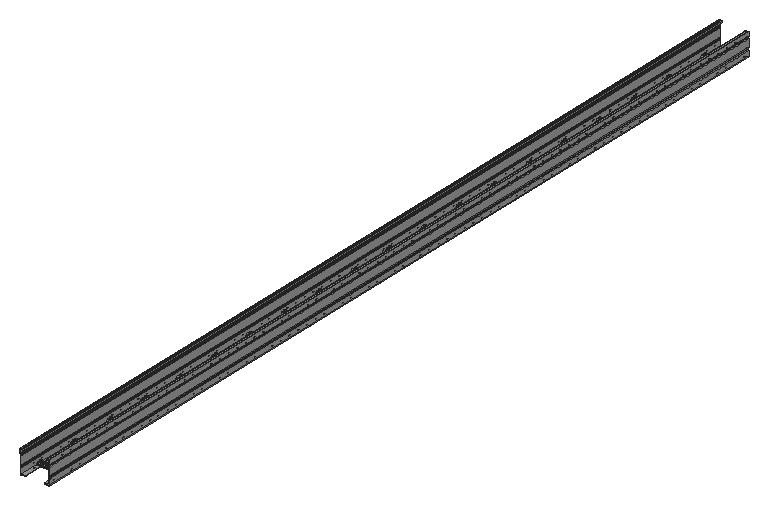
Revit family "Weitspannkabelleiter WKLG1620 FT,FS FT SO A4.23.08", category Generic Models, Revit 2017 (continued)
Forms (mm)
  Extrusion 75, void
    sketch origin (0, 5475, 0) x (0, 1, 0) y (0, 0, 1)
      loop
        arc (49.5, 15.5) -> (49.854, 15.646) -> (50, 16) r 0.5
        line (50, 16) -> (50, 24)
        arc (50, 24) -> (49.854, 24.354) -> (49.5, 24.5) r 0.5
        line (49.5, 24.5) -> (25.938, 24.5)
    from 98 to 100
  Extrusion 76, void
    sketch origin (0, 5550, 0) x (0, 1, 0) y (0, 0, 1)
      loop
        arc (25.938, 24.5) -> (25.275, 24.225) -> (25, 23.562) r 0.938
        line (25, 23.562) -> (25, 16.438)
        arc (25, 16.438) -> (25.275, 15.775) -> (25.938, 15.5) r 0.938
        line (25.938, 15.5) -> (49.5, 15.5)
        arc (49.5, 15.5) -> (49.854, 15.646) -> (50, 16) r 0.5
        line (50, 16) -> (50, 24)
        arc (50, 24) -> (49.854, 24.354) -> (49.5, 24.5) r 0.5
        line (49.5, 24.5) -> (25.938, 24.5)
    from 98 to 100
  Extrusion 77, void
    sketch origin (0, 5625, 0) x (0, 1, 0) y (0, 0, 1)
      loop
        arc (25.938, 24.5) -> (25.275, 24.225) -> (25, 23.562) r 0.938
        line (25, 23.562) -> (25, 16.438)
        arc (25, 16.438) -> (25.275, 15.775) -> (25.938, 15.5) r 0.938
        line (25.938, 15.5) -> (49.5, 15.5)
        arc (49.5, 15.5) -> (49.854, 15.646) -> (50, 16) r 0.5
        line (50, 16) -> (50, 24)
        arc (50, 24) -> (49.854, 24.354) -> (49.5, 24.5) r 0.5
        line (49.5, 24.5) -> (25.938, 24.5)
    from 98 to 100
  Extrusion 78, void
    sketch origin (0, 5700, 0) x (0, 1, 0) y (0, 0, 1)
      loop
        arc (25.938, 24.5) -> (25.275, 24.225) -> (25, 23.562) r 0.938
        line (25, 23.562) -> (25, 16.438)
        arc (25, 16.438) -> (25.275, 15.775) -> (25.938, 15.5) r 0.938
        line (25.938, 15.5) -> (49.5, 15.5)
        arc (49.5, 15.5) -> (49.854, 15.646) -> (50, 16) r 0.5
        line (50, 16) -> (50, 24)
        arc (50, 24) -> (49.854, 24.354) -> (49.5, 24.5) r 0.5
        line (49.5, 24.5) -> (25.938, 24.5)
    from 98 to 100
  Extrusion 79, void
    sketch origin (0, 5775, 0) x (0, 1, 0) y (0, 0, 1)
      loop
        arc (25.938, 24.5) -> (25.275, 24.225) -> (25, 23.562) r 0.938
        line (25, 23.562) -> (25, 16.438)
        arc (25, 16.438) -> (25.275, 15.775) -> (25.938, 15.5) r 0.938
        line (25.938, 15.5) -> (49.5, 15.5)
        arc (49.5, 15.5) -> (49.854, 15.646) -> (50, 16) r 0.5
        line (50, 16) -> (50, 24)
        arc (50, 24) -> (49.854, 24.354) -> (49.5, 24.5) r 0.5
        line (49.5, 24.5) -> (25.938, 24.5)
    from 98 to 100
  Extrusion 80, void
    sketch origin (0, 5850, 0) x (0, 1, 0) y (0, 0, 1)
      loop
        arc (25.938, 24.5) -> (25.275, 24.225) -> (25, 23.562) r 0.938
        line (25, 23.562) -> (25, 16.438)
        arc (25, 16.438) -> (25.275, 15.775) -> (25.938, 15.5) r 0.938
        line (25.938, 15.5) -> (49.5, 15.5)
        arc (49.5, 15.5) -> (49.854, 15.646) -> (50, 16) r 0.5
        line (50, 16) -> (50, 24)
        arc (50, 24) -> (49.854, 24.354) -> (49.5, 24.5) r 0.5
        line (49.5, 24.5) -> (25.938, 24.5)
    from 98 to 100
  Extrusion 81, void
    sketch origin (0, 5925, 0) x (0, 1, 0) y (0, 0, 1)
      loop
        arc (25.938, 24.5) -> (25.275, 24.225) -> (25, 23.562) r 0.938
        line (25, 23.562) -> (25, 16.438)
        arc (25, 16.438) -> (25.275, 15.775) -> (25.938, 15.5) r 0.938
        line (25.938, 15.5) -> (49.5, 15.5)
        arc (49.5, 15.5) -> (49.854, 15.646) -> (50, 16) r 0.5
        line (50, 16) -> (50, 24)
        arc (50, 24) -> (49.854, 24.354) -> (49.5, 24.5) r 0.5
        line (49.5, 24.5) -> (25.938, 24.5)
    from 98 to 100
  Extrusion 82, void
    sketch origin (0, 0, 0) x (0, 1, 0) y (0, 0, 1)
      loop
        arc (25.5, 144.356) -> (25.146, 144.209) -> (25, 143.856) r 0.5
        line (25, 143.856) -> (25, 135.856)
        arc (25, 135.856) -> (25.146, 135.502) -> (25.5, 135.356) r 0.5
        line (25.5, 135.356) -> (49.458, 135.356)
        arc (49.458, 135.356) -> (49.841, 135.515) -> (50, 135.898) r 0.542
        line (50, 135.898) -> (50, 143.856)
        arc (50, 143.856) -> (49.854, 144.209) -> (49.5, 144.356) r 0.5
        line (49.5, 144.356) -> (25.5, 144.356)
    from 98 to 100
  Extrusion 83, void
    sketch origin (0, 75, 0) x (0, 1, 0) y (0, 0, 1)
      loop
        arc (25.5, 144.356) -> (25.146, 144.209) -> (25, 143.856) r 0.5
        line (25, 143.856) -> (25, 135.856)
        arc (25, 135.856) -> (25.146, 135.502) -> (25.5, 135.356) r 0.5
        line (25.5, 135.356) -> (49.458, 135.356)
        arc (49.458, 135.356) -> (49.841, 135.515) -> (50, 135.898) r 0.542
        line (50, 135.898) -> (50, 143.856)
        arc (50, 143.856) -> (49.854, 144.209) -> (49.5, 144.356) r 0.5
        line (49.5, 144.356) -> (25.5, 144.356)
    from 98 to 100
  Extrusion 84, void
    sketch origin (0, 150, 0) x (0, 1, 0) y (0, 0, 1)
      loop
        arc (25.5, 144.356) -> (25.146, 144.209) -> (25, 143.856) r 0.5
        line (25, 143.856) -> (25, 135.856)
        arc (25, 135.856) -> (25.146, 135.502) -> (25.5, 135.356) r 0.5
        line (25.5, 135.356) -> (49.458, 135.356)
        arc (49.458, 135.356) -> (49.841, 135.515) -> (50, 135.898) r 0.542
        line (50, 135.898) -> (50, 143.856)
        arc (50, 143.856) -> (49.854, 144.209) -> (49.5, 144.356) r 0.5
        line (49.5, 144.356) -> (25.5, 144.356)
    from 98 to 100
  Extrusion 85, void
    sketch origin (0, 225, 0) x (0, 1, 0) y (0, 0, 1)
      loop
        arc (25.5, 144.356) -> (25.146, 144.209) -> (25, 143.856) r 0.5
        line (25, 143.856) -> (25, 135.856)
        arc (25, 135.856) -> (25.146, 135.502) -> (25.5, 135.356) r 0.5
        line (25.5, 135.356) -> (49.458, 135.356)
        arc (49.458, 135.356) -> (49.841, 135.515) -> (50, 135.898) r 0.542
        line (50, 135.898) -> (50, 143.856)
        arc (50, 143.856) -> (49.854, 144.209) -> (49.5, 144.356) r 0.5
        line (49.5, 144.356) -> (25.5, 144.356)
    from 98 to 100
  Extrusion 86, void
    sketch origin (0, 300, 0) x (0, 1, 0) y (0, 0, 1)
      loop
        arc (25.5, 144.356) -> (25.146, 144.209) -> (25, 143.856) r 0.5
        line (25, 143.856) -> (25, 135.856)
        arc (25, 135.856) -> (25.146, 135.502) -> (25.5, 135.356) r 0.5
        line (25.5, 135.356) -> (49.458, 135.356)
        arc (49.458, 135.356) -> (49.841, 135.515) -> (50, 135.898) r 0.542
        line (50, 135.898) -> (50, 143.856)
        arc (50, 143.856) -> (49.854, 144.209) -> (49.5, 144.356) r 0.5
        line (49.5, 144.356) -> (25.5, 144.356)
    from 98 to 100
  Extrusion 87, void
    sketch origin (0, 375, 0) x (0, 1, 0) y (0, 0, 1)
      loop
        arc (25.5, 144.356) -> (25.146, 144.209) -> (25, 143.856) r 0.5
        line (25, 143.856) -> (25, 135.856)
        arc (25, 135.856) -> (25.146, 135.502) -> (25.5, 135.356) r 0.5
        line (25.5, 135.356) -> (49.458, 135.356)
        arc (49.458, 135.356) -> (49.841, 135.515) -> (50, 135.898) r 0.542
        line (50, 135.898) -> (50, 143.856)
        arc (50, 143.856) -> (49.854, 144.209) -> (49.5, 144.356) r 0.5
        line (49.5, 144.356) -> (25.5, 144.356)
    from 98 to 100
  Extrusion 88, void
    sketch origin (0, 450, 0) x (0, 1, 0) y (0, 0, 1)
      loop
        arc (25.5, 144.356) -> (25.146, 144.209) -> (25, 143.856) r 0.5
        line (25, 143.856) -> (25, 135.856)
        arc (25, 135.856) -> (25.146, 135.502) -> (25.5, 135.356) r 0.5
        line (25.5, 135.356) -> (49.458, 135.356)
        arc (49.458, 135.356) -> (49.841, 135.515) -> (50, 135.898) r 0.542
        line (50, 135.898) -> (50, 143.856)
        arc (50, 143.856) -> (49.854, 144.209) -> (49.5, 144.356) r 0.5
        line (49.5, 144.356) -> (25.5, 144.356)
    from 98 to 100
  Extrusion 89, void
    sketch origin (0, 525, 0) x (0, 1, 0) y (0, 0, 1)
      loop
        arc (25.5, 144.356) -> (25.146, 144.209) -> (25, 143.856) r 0.5
        line (25, 143.856) -> (25, 135.856)
        arc (25, 135.856) -> (25.146, 135.502) -> (25.5, 135.356) r 0.5
        line (25.5, 135.356) -> (49.458, 135.356)
        arc (49.458, 135.356) -> (49.841, 135.515) -> (50, 135.898) r 0.542
        line (50, 135.898) -> (50, 143.856)
        arc (50, 143.856) -> (49.854, 144.209) -> (49.5, 144.356) r 0.5
        line (49.5, 144.356) -> (25.5, 144.356)
    from 98 to 100
  Extrusion 90, void
    sketch origin (0, 600, 0) x (0, 1, 0) y (0, 0, 1)
      loop
        arc (25.5, 144.356) -> (25.146, 144.209) -> (25, 143.856) r 0.5
        line (25, 143.856) -> (25, 135.856)
        arc (25, 135.856) -> (25.146, 135.502) -> (25.5, 135.356) r 0.5
        line (25.5, 135.356) -> (49.458, 135.356)
        arc (49.458, 135.356) -> (49.841, 135.515) -> (50, 135.898) r 0.542
        line (50, 135.898) -> (50, 143.856)
        arc (50, 143.856) -> (49.854, 144.209) -> (49.5, 144.356) r 0.5
        line (49.5, 144.356) -> (25.5, 144.356)
    from 98 to 100
  Extrusion 91, void
    sketch origin (0, 675, 0) x (0, 1, 0) y (0, 0, 1)
      loop
        arc (25.5, 144.356) -> (25.146, 144.209) -> (25, 143.856) r 0.5
        line (25, 143.856) -> (25, 135.856)
        arc (25, 135.856) -> (25.146, 135.502) -> (25.5, 135.356) r 0.5
        line (25.5, 135.356) -> (49.458, 135.356)
        arc (49.458, 135.356) -> (49.841, 135.515) -> (50, 135.898) r 0.542
        line (50, 135.898) -> (50, 143.856)
        arc (50, 143.856) -> (49.854, 144.209) -> (49.5, 144.356) r 0.5
        line (49.5, 144.356) -> (25.5, 144.356)
    from 98 to 100
  Extrusion 92, void
    sketch origin (0, 750, 0) x (0, 1, 0) y (0, 0, 1)
      loop
        arc (25.5, 144.356) -> (25.146, 144.209) -> (25, 143.856) r 0.5
        line (25, 143.856) -> (25, 135.856)
        arc (25, 135.856) -> (25.146, 135.502) -> (25.5, 135.356) r 0.5
        line (25.5, 135.356) -> (49.458, 135.356)
        arc (49.458, 135.356) -> (49.841, 135.515) -> (50, 135.898) r 0.542
        line (50, 135.898) -> (50, 143.856)
        arc (50, 143.856) -> (49.854, 144.209) -> (49.5, 144.356) r 0.5
        line (49.5, 144.356) -> (25.5, 144.356)
    from 98 to 100
  Extrusion 93, void
    sketch origin (0, 825, 0) x (0, 1, 0) y (0, 0, 1)
      loop
        arc (25.5, 144.356) -> (25.146, 144.209) -> (25, 143.856) r 0.5
        line (25, 143.856) -> (25, 135.856)
        arc (25, 135.856) -> (25.146, 135.502) -> (25.5, 135.356) r 0.5
        line (25.5, 135.356) -> (49.458, 135.356)
        arc (49.458, 135.356) -> (49.841, 135.515) -> (50, 135.898) r 0.542
        line (50, 135.898) -> (50, 143.856)
        arc (50, 143.856) -> (49.854, 144.209) -> (49.5, 144.356) r 0.5
        line (49.5, 144.356) -> (25.5, 144.356)
    from 98 to 100
  Extrusion 94, void
    sketch origin (0, 900, 0) x (0, 1, 0) y (0, 0, 1)
      loop
        arc (25.5, 144.356) -> (25.146, 144.209) -> (25, 143.856) r 0.5
        line (25, 143.856) -> (25, 135.856)
        arc (25, 135.856) -> (25.146, 135.502) -> (25.5, 135.356) r 0.5
        line (25.5, 135.356) -> (49.458, 135.356)
        arc (49.458, 135.356) -> (49.841, 135.515) -> (50, 135.898) r 0.542
        line (50, 135.898) -> (50, 143.856)
        arc (50, 143.856) -> (49.854, 144.209) -> (49.5, 144.356) r 0.5
        line (49.5, 144.356) -> (25.5, 144.356)
    from 98 to 100
  Extrusion 95, void
    sketch origin (0, 975, 0) x (0, 1, 0) y (0, 0, 1)
      loop
        arc (25.5, 144.356) -> (25.146, 144.209) -> (25, 143.856) r 0.5
        line (25, 143.856) -> (25, 135.856)
        arc (25, 135.856) -> (25.146, 135.502) -> (25.5, 135.356) r 0.5
        line (25.5, 135.356) -> (49.458, 135.356)
        arc (49.458, 135.356) -> (49.841, 135.515) -> (50, 135.898) r 0.542
        line (50, 135.898) -> (50, 143.856)
        arc (50, 143.856) -> (49.854, 144.209) -> (49.5, 144.356) r 0.5
        line (49.5, 144.356) -> (25.5, 144.356)
    from 98 to 100
  Extrusion 96, void
    sketch origin (0, 1050, 0) x (0, 1, 0) y (0, 0, 1)
      loop
        arc (25.5, 144.356) -> (25.146, 144.209) -> (25, 143.856) r 0.5
        line (25, 143.856) -> (25, 135.856)
        arc (25, 135.856) -> (25.146, 135.502) -> (25.5, 135.356) r 0.5
        line (25.5, 135.356) -> (49.458, 135.356)
        arc (49.458, 135.356) -> (49.841, 135.515) -> (50, 135.898) r 0.542
        line (50, 135.898) -> (50, 143.856)
        arc (50, 143.856) -> (49.854, 144.209) -> (49.5, 144.356) r 0.5
        line (49.5, 144.356) -> (25.5, 144.356)
    from 98 to 100
  Extrusion 97, void
    sketch origin (0, 1125, 0) x (0, 1, 0) y (0, 0, 1)
      loop
        arc (25.5, 144.356) -> (25.146, 144.209) -> (25, 143.856) r 0.5
        line (25, 143.856) -> (25, 135.856)
        arc (25, 135.856) -> (25.146, 135.502) -> (25.5, 135.356) r 0.5
        line (25.5, 135.356) -> (49.458, 135.356)
        arc (49.458, 135.356) -> (49.841, 135.515) -> (50, 135.898) r 0.542
        line (50, 135.898) -> (50, 143.856)
        arc (50, 143.856) -> (49.854, 144.209) -> (49.5, 144.356) r 0.5
        line (49.5, 144.356) -> (25.5, 144.356)
    from 98 to 100
  Extrusion 98, void
    sketch origin (0, 1200, 0) x (0, 1, 0) y (0, 0, 1)
      loop
        arc (25.5, 144.356) -> (25.146, 144.209) -> (25, 143.856) r 0.5
        line (25, 143.856) -> (25, 135.856)
        arc (25, 135.856) -> (25.146, 135.502) -> (25.5, 135.356) r 0.5
        line (25.5, 135.356) -> (49.458, 135.356)
        arc (49.458, 135.356) -> (49.841, 135.515) -> (50, 135.898) r 0.542
        line (50, 135.898) -> (50, 143.856)
        arc (50, 143.856) -> (49.854, 144.209) -> (49.5, 144.356) r 0.5
        line (49.5, 144.356) -> (25.5, 144.356)
    from 98 to 100
  Extrusion 99, void
    sketch origin (0, 1275, 0) x (0, 1, 0) y (0, 0, 1)
      loop
        arc (25.5, 144.356) -> (25.146, 144.209) -> (25, 143.856) r 0.5
        line (25, 143.856) -> (25, 135.856)
        arc (25, 135.856) -> (25.146, 135.502) -> (25.5, 135.356) r 0.5
        line (25.5, 135.356) -> (49.458, 135.356)
        arc (49.458, 135.356) -> (49.841, 135.515) -> (50, 135.898) r 0.542
        line (50, 135.898) -> (50, 143.856)
        arc (50, 143.856) -> (49.854, 144.209) -> (49.5, 144.356) r 0.5
        line (49.5, 144.356) -> (25.5, 144.356)
    from 98 to 100
  Extrusion 100, void
    sketch origin (0, 1350, 0) x (0, 1, 0) y (0, 0, 1)
      loop
        arc (25.5, 144.356) -> (25.146, 144.209) -> (25, 143.856) r 0.5
        line (25, 143.856) -> (25, 135.856)
        arc (25, 135.856) -> (25.146, 135.502) -> (25.5, 135.356) r 0.5
        line (25.5, 135.356) -> (49.458, 135.356)
        arc (49.458, 135.356) -> (49.841, 135.515) -> (50, 135.898) r 0.542
        line (50, 135.898) -> (50, 143.856)
        arc (50, 143.856) -> (49.854, 144.209) -> (49.5, 144.356) r 0.5
        line (49.5, 144.356) -> (25.5, 144.356)
    from 98 to 100
  Extrusion 101, void
    sketch origin (0, 1425, 0) x (0, 1, 0) y (0, 0, 1)
      loop
        arc (25.5, 144.356) -> (25.146, 144.209) -> (25, 143.856) r 0.5
        line (25, 143.856) -> (25, 135.856)
        arc (25, 135.856) -> (25.146, 135.502) -> (25.5, 135.356) r 0.5
        line (25.5, 135.356) -> (49.458, 135.356)
        arc (49.458, 135.356) -> (49.841, 135.515) -> (50, 135.898) r 0.542
        line (50, 135.898) -> (50, 143.856)
        arc (50, 143.856) -> (49.854, 144.209) -> (49.5, 144.356) r 0.5
        line (49.5, 144.356) -> (25.5, 144.356)
    from 98 to 100
  Extrusion 102, void
    sketch origin (0, 1500, 0) x (0, 1, 0) y (0, 0, 1)
      loop
        arc (25.5, 144.356) -> (25.146, 144.209) -> (25, 143.856) r 0.5
        line (25, 143.856) -> (25, 135.856)
        arc (25, 135.856) -> (25.146, 135.502) -> (25.5, 135.356) r 0.5
        line (25.5, 135.356) -> (49.458, 135.356)
        arc (49.458, 135.356) -> (49.841, 135.515) -> (50, 135.898) r 0.542
        line (50, 135.898) -> (50, 143.856)
        arc (50, 143.856) -> (49.854, 144.209) -> (49.5, 144.356) r 0.5
        line (49.5, 144.356) -> (25.5, 144.356)
    from 98 to 100
  Extrusion 103, void
    sketch origin (0, 1575, 0) x (0, 1, 0) y (0, 0, 1)
      loop
        arc (25.5, 144.356) -> (25.146, 144.209) -> (25, 143.856) r 0.5
        line (25, 143.856) -> (25, 135.856)
        arc (25, 135.856) -> (25.146, 135.502) -> (25.5, 135.356) r 0.5
        line (25.5, 135.356) -> (49.458, 135.356)
        arc (49.458, 135.356) -> (49.841, 135.515) -> (50, 135.898) r 0.542
        line (50, 135.898) -> (50, 143.856)
        arc (50, 143.856) -> (49.854, 144.209) -> (49.5, 144.356) r 0.5
        line (49.5, 144.356) -> (25.5, 144.356)
    from 98 to 100
  Extrusion 104, void
    sketch origin (0, 1650, 0) x (0, 1, 0) y (0, 0, 1)
      loop
        arc (25.5, 144.356) -> (25.146, 144.209) -> (25, 143.856) r 0.5
        line (25, 143.856) -> (25, 135.856)
        arc (25, 135.856) -> (25.146, 135.502) -> (25.5, 135.356) r 0.5
        line (25.5, 135.356) -> (49.458, 135.356)
        arc (49.458, 135.356) -> (49.841, 135.515) -> (50, 135.898) r 0.542
        line (50, 135.898) -> (50, 143.856)
        arc (50, 143.856) -> (49.854, 144.209) -> (49.5, 144.356) r 0.5
        line (49.5, 144.356) -> (25.5, 144.356)
    from 98 to 100
  Extrusion 105, void
    sketch origin (0, 1725, 0) x (0, 1, 0) y (0, 0, 1)
      loop
        arc (25.5, 144.356) -> (25.146, 144.209) -> (25, 143.856) r 0.5
        line (25, 143.856) -> (25, 135.856)
        arc (25, 135.856) -> (25.146, 135.502) -> (25.5, 135.356) r 0.5
        line (25.5, 135.356) -> (49.458, 135.356)
        arc (49.458, 135.356) -> (49.841, 135.515) -> (50, 135.898) r 0.542
        line (50, 135.898) -> (50, 143.856)
        arc (50, 143.856) -> (49.854, 144.209) -> (49.5, 144.356) r 0.5
        line (49.5, 144.356) -> (25.5, 144.356)
    from 98 to 100
  Extrusion 106, void
    sketch origin (0, 1800, 0) x (0, 1, 0) y (0, 0, 1)
      loop
        arc (25.5, 144.356) -> (25.146, 144.209) -> (25, 143.856) r 0.5
        line (25, 143.856) -> (25, 135.856)
        arc (25, 135.856) -> (25.146, 135.502) -> (25.5, 135.356) r 0.5
        line (25.5, 135.356) -> (49.458, 135.356)
        arc (49.458, 135.356) -> (49.841, 135.515) -> (50, 135.898) r 0.542
        line (50, 135.898) -> (50, 143.856)
        arc (50, 143.856) -> (49.854, 144.209) -> (49.5, 144.356) r 0.5
        line (49.5, 144.356) -> (25.5, 144.356)
    from 98 to 100
  Extrusion 107, void
    sketch origin (0, 1875, 0) x (0, 1, 0) y (0, 0, 1)
      loop
        arc (25.5, 144.356) -> (25.146, 144.209) -> (25, 143.856) r 0.5
        line (25, 143.856) -> (25, 135.856)
        arc (25, 135.856) -> (25.146, 135.502) -> (25.5, 135.356) r 0.5
        line (25.5, 135.356) -> (49.458, 135.356)
        arc (49.458, 135.356) -> (49.841, 135.515) -> (50, 135.898) r 0.542
        line (50, 135.898) -> (50, 143.856)
        arc (50, 143.856) -> (49.854, 144.209) -> (49.5, 144.356) r 0.5
        line (49.5, 144.356) -> (25.5, 144.356)
    from 98 to 100
  Extrusion 108, void
    sketch origin (0, 1950, 0) x (0, 1, 0) y (0, 0, 1)
      loop
        arc (25.5, 144.356) -> (25.146, 144.209) -> (25, 143.856) r 0.5
        line (25, 143.856) -> (25, 135.856)
        arc (25, 135.856) -> (25.146, 135.502) -> (25.5, 135.356) r 0.5
        line (25.5, 135.356) -> (49.458, 135.356)
        arc (49.458, 135.356) -> (49.841, 135.515) -> (50, 135.898) r 0.542
        line (50, 135.898) -> (50, 143.856)
        arc (50, 143.856) -> (49.854, 144.209) -> (49.5, 144.356) r 0.5
        line (49.5, 144.356) -> (25.5, 144.356)
    from 98 to 100
  Extrusion 109, void
    sketch origin (0, 2025, 0) x (0, 1, 0) y (0, 0, 1)
      loop
        arc (25.5, 144.356) -> (25.146, 144.209) -> (25, 143.856) r 0.5
        line (25, 143.856) -> (25, 135.856)
        arc (25, 135.856) -> (25.146, 135.502) -> (25.5, 135.356) r 0.5
        line (25.5, 135.356) -> (49.458, 135.356)
        arc (49.458, 135.356) -> (49.841, 135.515) -> (50, 135.898) r 0.542
        line (50, 135.898) -> (50, 143.856)
        arc (50, 143.856) -> (49.854, 144.209) -> (49.5, 144.356) r 0.5
        line (49.5, 144.356) -> (25.5, 144.356)
    from 98 to 100
  Extrusion 110, void
    sketch origin (0, 2100, 0) x (0, 1, 0) y (0, 0, 1)
      loop
        arc (25.5, 144.356) -> (25.146, 144.209) -> (25, 143.856) r 0.5
        line (25, 143.856) -> (25, 135.856)
        arc (25, 135.856) -> (25.146, 135.502) -> (25.5, 135.356) r 0.5
        line (25.5, 135.356) -> (49.458, 135.356)
        arc (49.458, 135.356) -> (49.841, 135.515) -> (50, 135.898) r 0.542
        line (50, 135.898) -> (50, 143.856)
        arc (50, 143.856) -> (49.854, 144.209) -> (49.5, 144.356) r 0.5
        line (49.5, 144.356) -> (25.5, 144.356)
    from 98 to 100
  Extrusion 111, void
    sketch origin (0, 2175, 0) x (0, 1, 0) y (0, 0, 1)
      loop
        arc (25.5, 144.356) -> (25.146, 144.209) -> (25, 143.856) r 0.5
        line (25, 143.856) -> (25, 135.856)
        arc (25, 135.856) -> (25.146, 135.502) -> (25.5, 135.356) r 0.5
        line (25.5, 135.356) -> (49.458, 135.356)
        arc (49.458, 135.356) -> (49.841, 135.515) -> (50, 135.898) r 0.542
        line (50, 135.898) -> (50, 143.856)
        arc (50, 143.856) -> (49.854, 144.209) -> (49.5, 144.356) r 0.5
        line (49.5, 144.356) -> (25.5, 144.356)
    from 98 to 100
  Extrusion 112, void
    sketch origin (0, 2250, 0) x (0, 1, 0) y (0, 0, 1)
      loop
        arc (25.5, 144.356) -> (25.146, 144.209) -> (25, 143.856) r 0.5
        line (25, 143.856) -> (25, 135.856)
        arc (25, 135.856) -> (25.146, 135.502) -> (25.5, 135.356) r 0.5
        line (25.5, 135.356) -> (49.458, 135.356)
        arc (49.458, 135.356) -> (49.841, 135.515) -> (50, 135.898) r 0.542
        line (50, 135.898) -> (50, 143.856)
        arc (50, 143.856) -> (49.854, 144.209) -> (49.5, 144.356) r 0.5
        line (49.5, 144.356) -> (25.5, 144.356)
    from 98 to 100
  Extrusion 113, void
    sketch origin (0, 2325, 0) x (0, 1, 0) y (0, 0, 1)
      loop
        arc (25.5, 144.356) -> (25.146, 144.209) -> (25, 143.856) r 0.5
        line (25, 143.856) -> (25, 135.856)
        arc (25, 135.856) -> (25.146, 135.502) -> (25.5, 135.356) r 0.5
        line (25.5, 135.356) -> (49.458, 135.356)
        arc (49.458, 135.356) -> (49.841, 135.515) -> (50, 135.898) r 0.542
        line (50, 135.898) -> (50, 143.856)
        arc (50, 143.856) -> (49.854, 144.209) -> (49.5, 144.356) r 0.5
        line (49.5, 144.356) -> (25.5, 144.356)
    from 98 to 100
  Extrusion 114, void
    sketch origin (0, 2400, 0) x (0, 1, 0) y (0, 0, 1)
      loop
        arc (25.5, 144.356) -> (25.146, 144.209) -> (25, 143.856) r 0.5
        line (25, 143.856) -> (25, 135.856)
        arc (25, 135.856) -> (25.146, 135.502) -> (25.5, 135.356) r 0.5
        line (25.5, 135.356) -> (49.458, 135.356)
        arc (49.458, 135.356) -> (49.841, 135.515) -> (50, 135.898) r 0.542
        line (50, 135.898) -> (50, 143.856)
        arc (50, 143.856) -> (49.854, 144.209) -> (49.5, 144.356) r 0.5
        line (49.5, 144.356) -> (25.5, 144.356)
    from 98 to 100
  Extrusion 115, void
    sketch origin (0, 2475, 0) x (0, 1, 0) y (0, 0, 1)
      loop
        arc (25.5, 144.356) -> (25.146, 144.209) -> (25, 143.856) r 0.5
        line (25, 143.856) -> (25, 135.856)
        arc (25, 135.856) -> (25.146, 135.502) -> (25.5, 135.356) r 0.5
        line (25.5, 135.356) -> (49.458, 135.356)
        arc (49.458, 135.356) -> (49.841, 135.515) -> (50, 135.898) r 0.542
        line (50, 135.898) -> (50, 143.856)
        arc (50, 143.856) -> (49.854, 144.209) -> (49.5, 144.356) r 0.5
        line (49.5, 144.356) -> (25.5, 144.356)
    from 98 to 100
  Extrusion 116, void
    sketch origin (0, 2550, 0) x (0, 1, 0) y (0, 0, 1)
      loop
        arc (25.5, 144.356) -> (25.146, 144.209) -> (25, 143.856) r 0.5
        line (25, 143.856) -> (25, 135.856)
        arc (25, 135.856) -> (25.146, 135.502) -> (25.5, 135.356) r 0.5
        line (25.5, 135.356) -> (49.458, 135.356)
        arc (49.458, 135.356) -> (49.841, 135.515) -> (50, 135.898) r 0.542
        line (50, 135.898) -> (50, 143.856)
        arc (50, 143.856) -> (49.854, 144.209) -> (49.5, 144.356) r 0.5
        line (49.5, 144.356) -> (25.5, 144.356)
    from 98 to 100
  Extrusion 117, void
    sketch origin (0, 2625, 0) x (0, 1, 0) y (0, 0, 1)
      loop
        arc (25.5, 144.356) -> (25.146, 144.209) -> (25, 143.856) r 0.5
        line (25, 143.856) -> (25, 135.856)
        arc (25, 135.856) -> (25.146, 135.502) -> (25.5, 135.356) r 0.5
        line (25.5, 135.356) -> (49.458, 135.356)
        arc (49.458, 135.356) -> (49.841, 135.515) -> (50, 135.898) r 0.542
        line (50, 135.898) -> (50, 143.856)
        arc (50, 143.856) -> (49.854, 144.209) -> (49.5, 144.356) r 0.5
        line (49.5, 144.356) -> (25.5, 144.356)
    from 98 to 100
  Extrusion 118, void
    sketch origin (0, 2700, 0) x (0, 1, 0) y (0, 0, 1)
      loop
        arc (25.5, 144.356) -> (25.146, 144.209) -> (25, 143.856) r 0.5
        line (25, 143.856) -> (25, 135.856)
        arc (25, 135.856) -> (25.146, 135.502) -> (25.5, 135.356) r 0.5
        line (25.5, 135.356) -> (49.458, 135.356)
        arc (49.458, 135.356) -> (49.841, 135.515) -> (50, 135.898) r 0.542
        line (50, 135.898) -> (50, 143.856)
        arc (50, 143.856) -> (49.854, 144.209) -> (49.5, 144.356) r 0.5
        line (49.5, 144.356) -> (25.5, 144.356)
    from 98 to 100
  Extrusion 119, void
    sketch origin (0, 2775, 0) x (0, 1, 0) y (0, 0, 1)
      loop
        arc (25.5, 144.356) -> (25.146, 144.209) -> (25, 143.856) r 0.5
        line (25, 143.856) -> (25, 135.856)
        arc (25, 135.856) -> (25.146, 135.502) -> (25.5, 135.356) r 0.5
        line (25.5, 135.356) -> (49.458, 135.356)
        arc (49.458, 135.356) -> (49.841, 135.515) -> (50, 135.898) r 0.542
        line (50, 135.898) -> (50, 143.856)
        arc (50, 143.856) -> (49.854, 144.209) -> (49.5, 144.356) r 0.5
        line (49.5, 144.356) -> (25.5, 144.356)
    from 98 to 100
  Extrusion 120, void
    sketch origin (0, 2850, 0) x (0, 1, 0) y (0, 0, 1)
      loop
        arc (25.5, 144.356) -> (25.146, 144.209) -> (25, 143.856) r 0.5
        line (25, 143.856) -> (25, 135.856)
        arc (25, 135.856) -> (25.146, 135.502) -> (25.5, 135.356) r 0.5
        line (25.5, 135.356) -> (49.458, 135.356)
        arc (49.458, 135.356) -> (49.841, 135.515) -> (50, 135.898) r 0.542
        line (50, 135.898) -> (50, 143.856)
        arc (50, 143.856) -> (49.854, 144.209) -> (49.5, 144.356) r 0.5
        line (49.5, 144.356) -> (25.5, 144.356)
    from 98 to 100
  Extrusion 121, void
    sketch origin (0, 2925, 0) x (0, 1, 0) y (0, 0, 1)
      loop
        arc (25.5, 144.356) -> (25.146, 144.209) -> (25, 143.856) r 0.5
        line (25, 143.856) -> (25, 135.856)
        arc (25, 135.856) -> (25.146, 135.502) -> (25.5, 135.356) r 0.5
        line (25.5, 135.356) -> (49.458, 135.356)
        arc (49.458, 135.356) -> (49.841, 135.515) -> (50, 135.898) r 0.542
        line (50, 135.898) -> (50, 143.856)
        arc (50, 143.856) -> (49.854, 144.209) -> (49.5, 144.356) r 0.5
        line (49.5, 144.356) -> (25.5, 144.356)
    from 98 to 100
  Extrusion 122, void
    sketch origin (0, 3000, 0) x (0, 1, 0) y (0, 0, 1)
      loop
        arc (25.5, 144.356) -> (25.146, 144.209) -> (25, 143.856) r 0.5
        line (25, 143.856) -> (25, 135.856)
        arc (25, 135.856) -> (25.146, 135.502) -> (25.5, 135.356) r 0.5
        line (25.5, 135.356) -> (49.458, 135.356)
        arc (49.458, 135.356) -> (49.841, 135.515) -> (50, 135.898) r 0.542
        line (50, 135.898) -> (50, 143.856)
        arc (50, 143.856) -> (49.854, 144.209) -> (49.5, 144.356) r 0.5
        line (49.5, 144.356) -> (25.5, 144.356)
    from 98 to 100
  Extrusion 123, void
    sketch origin (0, 3075, 0) x (0, 1, 0) y (0, 0, 1)
      loop
        arc (25.5, 144.356) -> (25.146, 144.209) -> (25, 143.856) r 0.5
        line (25, 143.856) -> (25, 135.856)
        arc (25, 135.856) -> (25.146, 135.502) -> (25.5, 135.356) r 0.5
        line (25.5, 135.356) -> (49.458, 135.356)
        arc (49.458, 135.356) -> (49.841, 135.515) -> (50, 135.898) r 0.542
        line (50, 135.898) -> (50, 143.856)
        arc (50, 143.856) -> (49.854, 144.209) -> (49.5, 144.356) r 0.5
        line (49.5, 144.356) -> (25.5, 144.356)
    from 98 to 100
  Extrusion 124, void
    sketch origin (0, 3150, 0) x (0, 1, 0) y (0, 0, 1)
      loop
        arc (25.5, 144.356) -> (25.146, 144.209) -> (25, 143.856) r 0.5
        line (25, 143.856) -> (25, 135.856)
        arc (25, 135.856) -> (25.146, 135.502) -> (25.5, 135.356) r 0.5
        line (25.5, 135.356) -> (49.458, 135.356)
        arc (49.458, 135.356) -> (49.841, 135.515) -> (50, 135.898) r 0.542
        line (50, 135.898) -> (50, 143.856)
        arc (50, 143.856) -> (49.854, 144.209) -> (49.5, 144.356) r 0.5
        line (49.5, 144.356) -> (25.5, 144.356)
    from 98 to 100
  Extrusion 125, void
    sketch origin (0, 3225, 0) x (0, 1, 0) y (0, 0, 1)
      loop
        arc (25.5, 144.356) -> (25.146, 144.209) -> (25, 143.856) r 0.5
        line (25, 143.856) -> (25, 135.856)
        arc (25, 135.856) -> (25.146, 135.502) -> (25.5, 135.356) r 0.5
        line (25.5, 135.356) -> (49.458, 135.356)
        arc (49.458, 135.356) -> (49.841, 135.515) -> (50, 135.898) r 0.542
        line (50, 135.898) -> (50, 143.856)
        arc (50, 143.856) -> (49.854, 144.209) -> (49.5, 144.356) r 0.5
        line (49.5, 144.356) -> (25.5, 144.356)
    from 98 to 100
  Extrusion 126, void
    sketch origin (0, 3300, 0) x (0, 1, 0) y (0, 0, 1)
      loop
        arc (25.5, 144.356) -> (25.146, 144.209) -> (25, 143.856) r 0.5
        line (25, 143.856) -> (25, 135.856)
        arc (25, 135.856) -> (25.146, 135.502) -> (25.5, 135.356) r 0.5
        line (25.5, 135.356) -> (49.458, 135.356)
        arc (49.458, 135.356) -> (49.841, 135.515) -> (50, 135.898) r 0.542
        line (50, 135.898) -> (50, 143.856)
        arc (50, 143.856) -> (49.854, 144.209) -> (49.5, 144.356) r 0.5
        line (49.5, 144.356) -> (25.5, 144.356)
    from 98 to 100
  Extrusion 127, void
    sketch origin (0, 3375, 0) x (0, 1, 0) y (0, 0, 1)
      loop
        arc (25.5, 144.356) -> (25.146, 144.209) -> (25, 143.856) r 0.5
        line (25, 143.856) -> (25, 135.856)
        arc (25, 135.856) -> (25.146, 135.502) -> (25.5, 135.356) r 0.5
        line (25.5, 135.356) -> (49.458, 135.356)
        arc (49.458, 135.356) -> (49.841, 135.515) -> (50, 135.898) r 0.542
        line (50, 135.898) -> (50, 143.856)
        arc (50, 143.856) -> (49.854, 144.209) -> (49.5, 144.356) r 0.5
        line (49.5, 144.356) -> (25.5, 144.356)
    from 98 to 100
  Extrusion 128, void
    sketch origin (0, 3450, 0) x (0, 1, 0) y (0, 0, 1)
      loop
        arc (25.5, 144.356) -> (25.146, 144.209) -> (25, 143.856) r 0.5
        line (25, 143.856) -> (25, 135.856)
        arc (25, 135.856) -> (25.146, 135.502) -> (25.5, 135.356) r 0.5
        line (25.5, 135.356) -> (49.458, 135.356)
        arc (49.458, 135.356) -> (49.841, 135.515) -> (50, 135.898) r 0.542
        line (50, 135.898) -> (50, 143.856)
        arc (50, 143.856) -> (49.854, 144.209) -> (49.5, 144.356) r 0.5
        line (49.5, 144.356) -> (25.5, 144.356)
    from 98 to 100
  Extrusion 129, void
    sketch origin (0, 3525, 0) x (0, 1, 0) y (0, 0, 1)
      loop
        arc (25.5, 144.356) -> (25.146, 144.209) -> (25, 143.856) r 0.5
        line (25, 143.856) -> (25, 135.856)
        arc (25, 135.856) -> (25.146, 135.502) -> (25.5, 135.356) r 0.5
        line (25.5, 135.356) -> (49.458, 135.356)
        arc (49.458, 135.356) -> (49.841, 135.515) -> (50, 135.898) r 0.542
        line (50, 135.898) -> (50, 143.856)
        arc (50, 143.856) -> (49.854, 144.209) -> (49.5, 144.356) r 0.5
        line (49.5, 144.356) -> (25.5, 144.356)
    from 98 to 100
  Extrusion 130, void
    sketch origin (0, 3600, 0) x (0, 1, 0) y (0, 0, 1)
      loop
        arc (25.5, 144.356) -> (25.146, 144.209) -> (25, 143.856) r 0.5
        line (25, 143.856) -> (25, 135.856)
        arc (25, 135.856) -> (25.146, 135.502) -> (25.5, 135.356) r 0.5
        line (25.5, 135.356) -> (49.458, 135.356)
        arc (49.458, 135.356) -> (49.841, 135.515) -> (50, 135.898) r 0.542
        line (50, 135.898) -> (50, 143.856)
        arc (50, 143.856) -> (49.854, 144.209) -> (49.5, 144.356) r 0.5
        line (49.5, 144.356) -> (25.5, 144.356)
    from 98 to 100
  Extrusion 131, void
    sketch origin (0, 3675, 0) x (0, 1, 0) y (0, 0, 1)
      loop
        arc (25.5, 144.356) -> (25.146, 144.209) -> (25, 143.856) r 0.5
        line (25, 143.856) -> (25, 135.856)
        arc (25, 135.856) -> (25.146, 135.502) -> (25.5, 135.356) r 0.5
        line (25.5, 135.356) -> (49.458, 135.356)
        arc (49.458, 135.356) -> (49.841, 135.515) -> (50, 135.898) r 0.542
        line (50, 135.898) -> (50, 143.856)
        arc (50, 143.856) -> (49.854, 144.209) -> (49.5, 144.356) r 0.5
        line (49.5, 144.356) -> (25.5, 144.356)
    from 98 to 100
  Extrusion 132, void
    sketch origin (0, 3750, 0) x (0, 1, 0) y (0, 0, 1)
      loop
        arc (25.5, 144.356) -> (25.146, 144.209) -> (25, 143.856) r 0.5
        line (25, 143.856) -> (25, 135.856)
        arc (25, 135.856) -> (25.146, 135.502) -> (25.5, 135.356) r 0.5
        line (25.5, 135.356) -> (49.458, 135.356)
        arc (49.458, 135.356) -> (49.841, 135.515) -> (50, 135.898) r 0.542
        line (50, 135.898) -> (50, 143.856)
        arc (50, 143.856) -> (49.854, 144.209) -> (49.5, 144.356) r 0.5
        line (49.5, 144.356) -> (25.5, 144.356)
    from 98 to 100
  Extrusion 133, void
    sketch origin (0, 3825, 0) x (0, 1, 0) y (0, 0, 1)
      loop
        arc (25.5, 144.356) -> (25.146, 144.209) -> (25, 143.856) r 0.5
        line (25, 143.856) -> (25, 135.856)
        arc (25, 135.856) -> (25.146, 135.502) -> (25.5, 135.356) r 0.5
        line (25.5, 135.356) -> (49.458, 135.356)
        arc (49.458, 135.356) -> (49.841, 135.515) -> (50, 135.898) r 0.542
        line (50, 135.898) -> (50, 143.856)
        arc (50, 143.856) -> (49.854, 144.209) -> (49.5, 144.356) r 0.5
        line (49.5, 144.356) -> (25.5, 144.356)
    from 98 to 100
  Extrusion 134, void
    sketch origin (0, 3900, 0) x (0, 1, 0) y (0, 0, 1)
      loop
        arc (25.5, 144.356) -> (25.146, 144.209) -> (25, 143.856) r 0.5
        line (25, 143.856) -> (25, 135.856)
        arc (25, 135.856) -> (25.146, 135.502) -> (25.5, 135.356) r 0.5
        line (25.5, 135.356) -> (49.458, 135.356)
        arc (49.458, 135.356) -> (49.841, 135.515) -> (50, 135.898) r 0.542
        line (50, 135.898) -> (50, 143.856)
        arc (50, 143.856) -> (49.854, 144.209) -> (49.5, 144.356) r 0.5
        line (49.5, 144.356) -> (25.5, 144.356)
    from 98 to 100
  Extrusion 135, void
    sketch origin (0, 3975, 0) x (0, 1, 0) y (0, 0, 1)
      loop
        arc (25.5, 144.356) -> (25.146, 144.209) -> (25, 143.856) r 0.5
        line (25, 143.856) -> (25, 135.856)
        arc (25, 135.856) -> (25.146, 135.502) -> (25.5, 135.356) r 0.5
        line (25.5, 135.356) -> (49.458, 135.356)
        arc (49.458, 135.356) -> (49.841, 135.515) -> (50, 135.898) r 0.542
        line (50, 135.898) -> (50, 143.856)
        arc (50, 143.856) -> (49.854, 144.209) -> (49.5, 144.356) r 0.5
        line (49.5, 144.356) -> (25.5, 144.356)
    from 98 to 100
  Extrusion 136, void
    sketch origin (0, 4050, 0) x (0, 1, 0) y (0, 0, 1)
      loop
        arc (25.5, 144.356) -> (25.146, 144.209) -> (25, 143.856) r 0.5
        line (25, 143.856) -> (25, 135.856)
        arc (25, 135.856) -> (25.146, 135.502) -> (25.5, 135.356) r 0.5
        line (25.5, 135.356) -> (49.458, 135.356)
        arc (49.458, 135.356) -> (49.841, 135.515) -> (50, 135.898) r 0.542
        line (50, 135.898) -> (50, 143.856)
        arc (50, 143.856) -> (49.854, 144.209) -> (49.5, 144.356) r 0.5
        line (49.5, 144.356) -> (25.5, 144.356)
    from 98 to 100
  Extrusion 137, void
    sketch origin (0, 4125, 0) x (0, 1, 0) y (0, 0, 1)
      loop
        arc (25.5, 144.356) -> (25.146, 144.209) -> (25, 143.856) r 0.5
        line (25, 143.856) -> (25, 135.856)
        arc (25, 135.856) -> (25.146, 135.502) -> (25.5, 135.356) r 0.5
        line (25.5, 135.356) -> (49.458, 135.356)
        arc (49.458, 135.356) -> (49.841, 135.515) -> (50, 135.898) r 0.542
        line (50, 135.898) -> (50, 143.856)
        arc (50, 143.856) -> (49.854, 144.209) -> (49.5, 144.356) r 0.5
        line (49.5, 144.356) -> (25.5, 144.356)
    from 98 to 100
  Extrusion 138, void
    sketch origin (0, 4200, 0) x (0, 1, 0) y (0, 0, 1)
      loop
        arc (25.5, 144.356) -> (25.146, 144.209) -> (25, 143.856) r 0.5
        line (25, 143.856) -> (25, 135.856)
        arc (25, 135.856) -> (25.146, 135.502) -> (25.5, 135.356) r 0.5
        line (25.5, 135.356) -> (49.458, 135.356)
        arc (49.458, 135.356) -> (49.841, 135.515) -> (50, 135.898) r 0.542
        line (50, 135.898) -> (50, 143.856)
        arc (50, 143.856) -> (49.854, 144.209) -> (49.5, 144.356) r 0.5
        line (49.5, 144.356) -> (25.5, 144.356)
    from 98 to 100
  Extrusion 139, void
    sketch origin (0, 4275, 0) x (0, 1, 0) y (0, 0, 1)
      loop
        arc (25.5, 144.356) -> (25.146, 144.209) -> (25, 143.856) r 0.5
        line (25, 143.856) -> (25, 135.856)
        arc (25, 135.856) -> (25.146, 135.502) -> (25.5, 135.356) r 0.5
        line (25.5, 135.356) -> (49.458, 135.356)
        arc (49.458, 135.356) -> (49.841, 135.515) -> (50, 135.898) r 0.542
        line (50, 135.898) -> (50, 143.856)
        arc (50, 143.856) -> (49.854, 144.209) -> (49.5, 144.356) r 0.5
        line (49.5, 144.356) -> (25.5, 144.356)
    from 98 to 100
  Extrusion 140, void
    sketch origin (0, 4350, 0) x (0, 1, 0) y (0, 0, 1)
      loop
        arc (25.5, 144.356) -> (25.146, 144.209) -> (25, 143.856) r 0.5
        line (25, 143.856) -> (25, 135.856)
        arc (25, 135.856) -> (25.146, 135.502) -> (25.5, 135.356) r 0.5
        line (25.5, 135.356) -> (49.458, 135.356)
        arc (49.458, 135.356) -> (49.841, 135.515) -> (50, 135.898) r 0.542
        line (50, 135.898) -> (50, 143.856)
        arc (50, 143.856) -> (49.854, 144.209) -> (49.5, 144.356) r 0.5
        line (49.5, 144.356) -> (25.5, 144.356)
    from 98 to 100
  Extrusion 141, void
    sketch origin (0, 4425, 0) x (0, 1, 0) y (0, 0, 1)
      loop
        arc (25.5, 144.356) -> (25.146, 144.209) -> (25, 143.856) r 0.5
        line (25, 143.856) -> (25, 135.856)
        arc (25, 135.856) -> (25.146, 135.502) -> (25.5, 135.356) r 0.5
        line (25.5, 135.356) -> (49.458, 135.356)
        arc (49.458, 135.356) -> (49.841, 135.515) -> (50, 135.898) r 0.542
        line (50, 135.898) -> (50, 143.856)
        arc (50, 143.856) -> (49.854, 144.209) -> (49.5, 144.356) r 0.5
        line (49.5, 144.356) -> (25.5, 144.356)
    from 98 to 100
  Extrusion 142, void
    sketch origin (0, 4500, 0) x (0, 1, 0) y (0, 0, 1)
      loop
        arc (25.5, 144.356) -> (25.146, 144.209) -> (25, 143.856) r 0.5
        line (25, 143.856) -> (25, 135.856)
        arc (25, 135.856) -> (25.146, 135.502) -> (25.5, 135.356) r 0.5
        line (25.5, 135.356) -> (49.458, 135.356)
        arc (49.458, 135.356) -> (49.841, 135.515) -> (50, 135.898) r 0.542
        line (50, 135.898) -> (50, 143.856)
        arc (50, 143.856) -> (49.854, 144.209) -> (49.5, 144.356) r 0.5
        line (49.5, 144.356) -> (25.5, 144.356)
    from 98 to 100
  Extrusion 143, void
    sketch origin (0, 4575, 0) x (0, 1, 0) y (0, 0, 1)
      loop
        arc (25.5, 144.356) -> (25.146, 144.209) -> (25, 143.856) r 0.5
        line (25, 143.856) -> (25, 135.856)
        arc (25, 135.856) -> (25.146, 135.502) -> (25.5, 135.356) r 0.5
        line (25.5, 135.356) -> (49.458, 135.356)
        arc (49.458, 135.356) -> (49.841, 135.515) -> (50, 135.898) r 0.542
        line (50, 135.898) -> (50, 143.856)
        arc (50, 143.856) -> (49.854, 144.209) -> (49.5, 144.356) r 0.5
        line (49.5, 144.356) -> (25.5, 144.356)
    from 98 to 100
  Extrusion 144, void
    sketch origin (0, 4650, 0) x (0, 1, 0) y (0, 0, 1)
      loop
        arc (25.5, 144.356) -> (25.146, 144.209) -> (25, 143.856) r 0.5
        line (25, 143.856) -> (25, 135.856)
        arc (25, 135.856) -> (25.146, 135.502) -> (25.5, 135.356) r 0.5
        line (25.5, 135.356) -> (49.458, 135.356)
        arc (49.458, 135.356) -> (49.841, 135.515) -> (50, 135.898) r 0.542
        line (50, 135.898) -> (50, 143.856)
        arc (50, 143.856) -> (49.854, 144.209) -> (49.5, 144.356) r 0.5
        line (49.5, 144.356) -> (25.5, 144.356)
    from 98 to 100
  Extrusion 145, void
    sketch origin (0, 4725, 0) x (0, 1, 0) y (0, 0, 1)
      loop
        arc (25.5, 144.356) -> (25.146, 144.209) -> (25, 143.856) r 0.5
        line (25, 143.856) -> (25, 135.856)
        arc (25, 135.856) -> (25.146, 135.502) -> (25.5, 135.356) r 0.5
        line (25.5, 135.356) -> (49.458, 135.356)
        arc (49.458, 135.356) -> (49.841, 135.515) -> (50, 135.898) r 0.542
        line (50, 135.898) -> (50, 143.856)
        arc (50, 143.856) -> (49.854, 144.209) -> (49.5, 144.356) r 0.5
        line (49.5, 144.356) -> (25.5, 144.356)
    from 98 to 100
  Extrusion 146, void
    sketch origin (0, 4800, 0) x (0, 1, 0) y (0, 0, 1)
      loop
        arc (25.5, 144.356) -> (25.146, 144.209) -> (25, 143.856) r 0.5
        line (25, 143.856) -> (25, 135.856)
        arc (25, 135.856) -> (25.146, 135.502) -> (25.5, 135.356) r 0.5
        line (25.5, 135.356) -> (49.458, 135.356)
        arc (49.458, 135.356) -> (49.841, 135.515) -> (50, 135.898) r 0.542
        line (50, 135.898) -> (50, 143.856)
        arc (50, 143.856) -> (49.854, 144.209) -> (49.5, 144.356) r 0.5
        line (49.5, 144.356) -> (25.5, 144.356)
    from 98 to 100
  Extrusion 147, void
    sketch origin (0, 4875, 0) x (0, 1, 0) y (0, 0, 1)
      loop
        arc (25.5, 144.356) -> (25.146, 144.209) -> (25, 143.856) r 0.5
        line (25, 143.856) -> (25, 135.856)
        arc (25, 135.856) -> (25.146, 135.502) -> (25.5, 135.356) r 0.5
        line (25.5, 135.356) -> (49.458, 135.356)
        arc (49.458, 135.356) -> (49.841, 135.515) -> (50, 135.898) r 0.542
        line (50, 135.898) -> (50, 143.856)
        arc (50, 143.856) -> (49.854, 144.209) -> (49.5, 144.356) r 0.5
        line (49.5, 144.356) -> (25.5, 144.356)
    from 98 to 100
  Extrusion 148, void
    sketch origin (0, 4950, 0) x (0, 1, 0) y (0, 0, 1)
      loop
        arc (25.5, 144.356) -> (25.146, 144.209) -> (25, 143.856) r 0.5
        line (25, 143.856) -> (25, 135.856)
        arc (25, 135.856) -> (25.146, 135.502) -> (25.5, 135.356) r 0.5
        line (25.5, 135.356) -> (49.458, 135.356)
        arc (49.458, 135.356) -> (49.841, 135.515) -> (50, 135.898) r 0.542
        line (50, 135.898) -> (50, 143.856)
        arc (50, 143.856) -> (49.854, 144.209) -> (49.5, 144.356) r 0.5
        line (49.5, 144.356) -> (25.5, 144.356)
    from 98 to 100
  Extrusion 149, void
    sketch origin (0, 5025, 0) x (0, 1, 0) y (0, 0, 1)
      loop
        arc (25.5, 144.356) -> (25.146, 144.209) -> (25, 143.856) r 0.5
        line (25, 143.856) -> (25, 135.856)
        arc (25, 135.856) -> (25.146, 135.502) -> (25.5, 135.356) r 0.5
        line (25.5, 135.356) -> (49.458, 135.356)
        arc (49.458, 135.356) -> (49.841, 135.515) -> (50, 135.898) r 0.542
        line (50, 135.898) -> (50, 143.856)
        arc (50, 143.856) -> (49.854, 144.209) -> (49.5, 144.356) r 0.5
        line (49.5, 144.356) -> (25.5, 144.356)
    from 98 to 100
  Extrusion 150, void
    sketch origin (0, 5100, 0) x (0, 1, 0) y (0, 0, 1)
      loop
        arc (25.5, 144.356) -> (25.146, 144.209) -> (25, 143.856) r 0.5
        line (25, 143.856) -> (25, 135.856)
        arc (25, 135.856) -> (25.146, 135.502) -> (25.5, 135.356) r 0.5
        line (25.5, 135.356) -> (49.458, 135.356)
        arc (49.458, 135.356) -> (49.841, 135.515) -> (50, 135.898) r 0.542
        line (50, 135.898) -> (50, 143.856)
        arc (50, 143.856) -> (49.854, 144.209) -> (49.5, 144.356) r 0.5
        line (49.5, 144.356) -> (25.5, 144.356)
    from 98 to 100
  Extrusion 151, void
    sketch origin (0, 5175, 0) x (0, 1, 0) y (0, 0, 1)
      loop
        arc (25.5, 144.356) -> (25.146, 144.209) -> (25, 143.856) r 0.5
        line (25, 143.856) -> (25, 135.856)
        arc (25, 135.856) -> (25.146, 135.502) -> (25.5, 135.356) r 0.5
        line (25.5, 135.356) -> (49.458, 135.356)
        arc (49.458, 135.356) -> (49.841, 135.515) -> (50, 135.898) r 0.542
        line (50, 135.898) -> (50, 143.856)
        arc (50, 143.856) -> (49.854, 144.209) -> (49.5, 144.356) r 0.5
        line (49.5, 144.356) -> (25.5, 144.356)
    from 98 to 100
  Extrusion 152, void
    sketch origin (0, 5250, 0) x (0, 1, 0) y (0, 0, 1)
      loop
        arc (25.5, 144.356) -> (25.146, 144.209) -> (25, 143.856) r 0.5
        line (25, 143.856) -> (25, 135.856)
        arc (25, 135.856) -> (25.146, 135.502) -> (25.5, 135.356) r 0.5
        line (25.5, 135.356) -> (49.458, 135.356)
        arc (49.458, 135.356) -> (49.841, 135.515) -> (50, 135.898) r 0.542
        line (50, 135.898) -> (50, 143.856)
        arc (50, 143.856) -> (49.854, 144.209) -> (49.5, 144.356) r 0.5
        line (49.5, 144.356) -> (25.5, 144.356)
    from 98 to 100
  Extrusion 153, void
    sketch origin (0, 5325, 0) x (0, 1, 0) y (0, 0, 1)
      loop
        arc (25.5, 144.356) -> (25.146, 144.209) -> (25, 143.856) r 0.5
        line (25, 143.856) -> (25, 135.856)
        arc (25, 135.856) -> (25.146, 135.502) -> (25.5, 135.356) r 0.5
        line (25.5, 135.356) -> (49.458, 135.356)
        arc (49.458, 135.356) -> (49.841, 135.515) -> (50, 135.898) r 0.542
        line (50, 135.898) -> (50, 143.856)
        arc (50, 143.856) -> (49.854, 144.209) -> (49.5, 144.356) r 0.5
        line (49.5, 144.356) -> (25.5, 144.356)
    from 98 to 100
  Extrusion 154, void
    sketch origin (0, 5400, 0) x (0, 1, 0) y (0, 0, 1)
      loop
        arc (25.5, 144.356) -> (25.146, 144.209) -> (25, 143.856) r 0.5
        line (25, 143.856) -> (25, 135.856)
        arc (25, 135.856) -> (25.146, 135.502) -> (25.5, 135.356) r 0.5
        line (25.5, 135.356) -> (49.458, 135.356)
        arc (49.458, 135.356) -> (49.841, 135.515) -> (50, 135.898) r 0.542
        line (50, 135.898) -> (50, 143.856)
        arc (50, 143.856) -> (49.854, 144.209) -> (49.5, 144.356) r 0.5
        line (49.5, 144.356) -> (25.5, 144.356)
    from 98 to 100
  Extrusion 155, void
    sketch origin (0, 5475, 0) x (0, 1, 0) y (0, 0, 1)
      loop
        arc (25.5, 144.356) -> (25.146, 144.209) -> (25, 143.856) r 0.5
        line (25, 143.856) -> (25, 135.856)
        arc (25, 135.856) -> (25.146, 135.502) -> (25.5, 135.356) r 0.5
        line (25.5, 135.356) -> (49.458, 135.356)
        arc (49.458, 135.356) -> (49.841, 135.515) -> (50, 135.898) r 0.542
        line (50, 135.898) -> (50, 143.856)
        arc (50, 143.856) -> (49.854, 144.209) -> (49.5, 144.356) r 0.5
        line (49.5, 144.356) -> (25.5, 144.356)
    from 98 to 100
  Extrusion 156, void
    sketch origin (0, 5550, 0) x (0, 1, 0) y (0, 0, 1)
      loop
        arc (25.5, 144.356) -> (25.146, 144.209) -> (25, 143.856) r 0.5
        line (25, 143.856) -> (25, 135.856)
        arc (25, 135.856) -> (25.146, 135.502) -> (25.5, 135.356) r 0.5
        line (25.5, 135.356) -> (49.458, 135.356)
        arc (49.458, 135.356) -> (49.841, 135.515) -> (50, 135.898) r 0.542
        line (50, 135.898) -> (50, 143.856)
        arc (50, 143.856) -> (49.854, 144.209) -> (49.5, 144.356) r 0.5
        line (49.5, 144.356) -> (25.5, 144.356)
    from 98 to 100
  Extrusion 157, void
    sketch origin (0, 5625, 0) x (0, 1, 0) y (0, 0, 1)
      loop
        arc (25.5, 144.356) -> (25.146, 144.209) -> (25, 143.856) r 0.5
        line (25, 143.856) -> (25, 135.856)
        arc (25, 135.856) -> (25.146, 135.502) -> (25.5, 135.356) r 0.5
        line (25.5, 135.356) -> (49.458, 135.356)
        arc (49.458, 135.356) -> (49.841, 135.515) -> (50, 135.898) r 0.542
        line (50, 135.898) -> (50, 143.856)
        arc (50, 143.856) -> (49.854, 144.209) -> (49.5, 144.356) r 0.5
        line (49.5, 144.356) -> (25.5, 144.356)
    from 98 to 100
  Extrusion 158, void
    sketch origin (0, 5700, 0) x (0, 1, 0) y (0, 0, 1)
      loop
        arc (25.5, 144.356) -> (25.146, 144.209) -> (25, 143.856) r 0.5
        line (25, 143.856) -> (25, 135.856)
        arc (25, 135.856) -> (25.146, 135.502) -> (25.5, 135.356) r 0.5
        line (25.5, 135.356) -> (49.458, 135.356)
        arc (49.458, 135.356) -> (49.841, 135.515) -> (50, 135.898) r 0.542
        line (50, 135.898) -> (50, 143.856)
        arc (50, 143.856) -> (49.854, 144.209) -> (49.5, 144.356) r 0.5
        line (49.5, 144.356) -> (25.5, 144.356)
    from 98 to 100
  Extrusion 159, void
    sketch origin (0, 5775, 0) x (0, 1, 0) y (0, 0, 1)
      loop
        arc (25.5, 144.356) -> (25.146, 144.209) -> (25, 143.856) r 0.5
        line (25, 143.856) -> (25, 135.856)
        arc (25, 135.856) -> (25.146, 135.502) -> (25.5, 135.356) r 0.5
        line (25.5, 135.356) -> (49.458, 135.356)
        arc (49.458, 135.356) -> (49.841, 135.515) -> (50, 135.898) r 0.542
        line (50, 135.898) -> (50, 143.856)
        arc (50, 143.856) -> (49.854, 144.209) -> (49.5, 144.356) r 0.5
        line (49.5, 144.356) -> (25.5, 144.356)
    from 98 to 100
  Extrusion 160, void
    sketch origin (0, 5850, 0) x (0, 1, 0) y (0, 0, 1)
      loop
        arc (25.5, 144.356) -> (25.146, 144.209) -> (25, 143.856) r 0.5
        line (25, 143.856) -> (25, 135.856)
        arc (25, 135.856) -> (25.146, 135.502) -> (25.5, 135.356) r 0.5
        line (25.5, 135.356) -> (49.458, 135.356)
        arc (49.458, 135.356) -> (49.841, 135.515) -> (50, 135.898) r 0.542
        line (50, 135.898) -> (50, 143.856)
        arc (50, 143.856) -> (49.854, 144.209) -> (49.5, 144.356) r 0.5
        line (49.5, 144.356) -> (25.5, 144.356)
    from 98 to 100
  Extrusion 161, void
    sketch origin (0, 5925, 0) x (0, 1, 0) y (0, 0, 1)
      loop
        arc (25.5, 144.356) -> (25.146, 144.209) -> (25, 143.856) r 0.5
        line (25, 143.856) -> (25, 135.856)
        arc (25, 135.856) -> (25.146, 135.502) -> (25.5, 135.356) r 0.5
        line (25.5, 135.356) -> (49.458, 135.356)
        arc (49.458, 135.356) -> (49.841, 135.515) -> (50, 135.898) r 0.542
        line (50, 135.898) -> (50, 143.856)
        arc (50, 143.856) -> (49.854, 144.209) -> (49.5, 144.356) r 0.5
        line (49.5, 144.356) -> (25.5, 144.356)
    from 98 to 100
  Extrusion 162, void
    sketch origin (0, 0, 0) x (0, 1, 0) y (0, 0, 1)
      loop
        line (49.5, 24.5) -> (25.5, 24.5)
        arc (25.5, 24.5) -> (25.146, 24.354) -> (25, 24) r 0.5
        line (25, 24) -> (25, 16)
        arc (25, 16) -> (25.146, 15.646) -> (25.5, 15.5) r 0.5
        line (25.5, 15.5) -> (49.5, 15.5)
        arc (49.5, 15.5) -> (49.854, 15.646) -> (50, 16) r 0.5
        line (50, 16) -> (50, 24)
        arc (50, 24) -> (49.854, 24.354) -> (49.5, 24.5) r 0.5
    from -99.5 to -97.5
  Extrusion 163, void
    sketch origin (0, 75, 0) x (0, 1, 0) y (0, 0, 1)
      loop
        line (49.5, 24.5) -> (25.5, 24.5)
        arc (25.5, 24.5) -> (25.146, 24.354) -> (25, 24) r 0.5
        line (25, 24) -> (25, 16)
        arc (25, 16) -> (25.146, 15.646) -> (25.5, 15.5) r 0.5
        line (25.5, 15.5) -> (49.5, 15.5)
        arc (49.5, 15.5) -> (49.854, 15.646) -> (50, 16) r 0.5
        line (50, 16) -> (50, 24)
        arc (50, 24) -> (49.854, 24.354) -> (49.5, 24.5) r 0.5
    from -99.5 to -97.5
  Extrusion 164, void
    sketch origin (0, 150, 0) x (0, 1, 0) y (0, 0, 1)
      loop
        line (49.5, 24.5) -> (25.5, 24.5)
        arc (25.5, 24.5) -> (25.146, 24.354) -> (25, 24) r 0.5
        line (25, 24) -> (25, 16)
        arc (25, 16) -> (25.146, 15.646) -> (25.5, 15.5) r 0.5
        line (25.5, 15.5) -> (49.5, 15.5)
        arc (49.5, 15.5) -> (49.854, 15.646) -> (50, 16) r 0.5
        line (50, 16) -> (50, 24)
        arc (50, 24) -> (49.854, 24.354) -> (49.5, 24.5) r 0.5
    from -99.5 to -97.5
  Extrusion 165, void
    sketch origin (0, 225, 0) x (0, 1, 0) y (0, 0, 1)
      loop
        line (49.5, 24.5) -> (25.5, 24.5)
        arc (25.5, 24.5) -> (25.146, 24.354) -> (25, 24) r 0.5
        line (25, 24) -> (25, 16)
        arc (25, 16) -> (25.146, 15.646) -> (25.5, 15.5) r 0.5
        line (25.5, 15.5) -> (49.5, 15.5)
        arc (49.5, 15.5) -> (49.854, 15.646) -> (50, 16) r 0.5
        line (50, 16) -> (50, 24)
        arc (50, 24) -> (49.854, 24.354) -> (49.5, 24.5) r 0.5
    from -99.5 to -97.5
  Extrusion 166, void
    sketch origin (0, 300, 0) x (0, 1, 0) y (0, 0, 1)
      loop
        line (49.5, 24.5) -> (25.5, 24.5)
        arc (25.5, 24.5) -> (25.146, 24.354) -> (25, 24) r 0.5
        line (25, 24) -> (25, 16)
        arc (25, 16) -> (25.146, 15.646) -> (25.5, 15.5) r 0.5
        line (25.5, 15.5) -> (49.5, 15.5)
        arc (49.5, 15.5) -> (49.854, 15.646) -> (50, 16) r 0.5
        line (50, 16) -> (50, 24)
        arc (50, 24) -> (49.854, 24.354) -> (49.5, 24.5) r 0.5
    from -99.5 to -97.5
  Extrusion 167, void
    sketch origin (0, 375, 0) x (0, 1, 0) y (0, 0, 1)
      loop
        line (49.5, 24.5) -> (25.5, 24.5)
        arc (25.5, 24.5) -> (25.146, 24.354) -> (25, 24) r 0.5
        line (25, 24) -> (25, 16)
        arc (25, 16) -> (25.146, 15.646) -> (25.5, 15.5) r 0.5
        line (25.5, 15.5) -> (49.5, 15.5)
        arc (49.5, 15.5) -> (49.854, 15.646) -> (50, 16) r 0.5
        line (50, 16) -> (50, 24)
        arc (50, 24) -> (49.854, 24.354) -> (49.5, 24.5) r 0.5
    from -99.5 to -97.5
  Extrusion 168, void
    sketch origin (0, 450, 0) x (0, 1, 0) y (0, 0, 1)
      loop
        line (49.5, 24.5) -> (25.5, 24.5)
        arc (25.5, 24.5) -> (25.146, 24.354) -> (25, 24) r 0.5
        line (25, 24) -> (25, 16)
        arc (25, 16) -> (25.146, 15.646) -> (25.5, 15.5) r 0.5
        line (25.5, 15.5) -> (49.5, 15.5)
        arc (49.5, 15.5) -> (49.854, 15.646) -> (50, 16) r 0.5
        line (50, 16) -> (50, 24)
        arc (50, 24) -> (49.854, 24.354) -> (49.5, 24.5) r 0.5
    from -99.5 to -97.5
  Extrusion 169, void
    sketch origin (0, 525, 0) x (0, 1, 0) y (0, 0, 1)
      loop
        line (49.5, 24.5) -> (25.5, 24.5)
        arc (25.5, 24.5) -> (25.146, 24.354) -> (25, 24) r 0.5
        line (25, 24) -> (25, 16)
        arc (25, 16) -> (25.146, 15.646) -> (25.5, 15.5) r 0.5
        line (25.5, 15.5) -> (49.5, 15.5)
        arc (49.5, 15.5) -> (49.854, 15.646) -> (50, 16) r 0.5
        line (50, 16) -> (50, 24)
        arc (50, 24) -> (49.854, 24.354) -> (49.5, 24.5) r 0.5
    from -99.5 to -97.5
  Extrusion 170, void
    sketch origin (0, 600, 0) x (0, 1, 0) y (0, 0, 1)
      loop
        line (49.5, 24.5) -> (25.5, 24.5)
        arc (25.5, 24.5) -> (25.146, 24.354) -> (25, 24) r 0.5
        line (25, 24) -> (25, 16)
        arc (25, 16) -> (25.146, 15.646) -> (25.5, 15.5) r 0.5
        line (25.5, 15.5) -> (49.5, 15.5)
        arc (49.5, 15.5) -> (49.854, 15.646) -> (50, 16) r 0.5
        line (50, 16) -> (50, 24)
        arc (50, 24) -> (49.854, 24.354) -> (49.5, 24.5) r 0.5
    from -99.5 to -97.5
  Extrusion 171, void
    sketch origin (0, 675, 0) x (0, 1, 0) y (0, 0, 1)
      loop
        line (49.5, 24.5) -> (25.5, 24.5)
